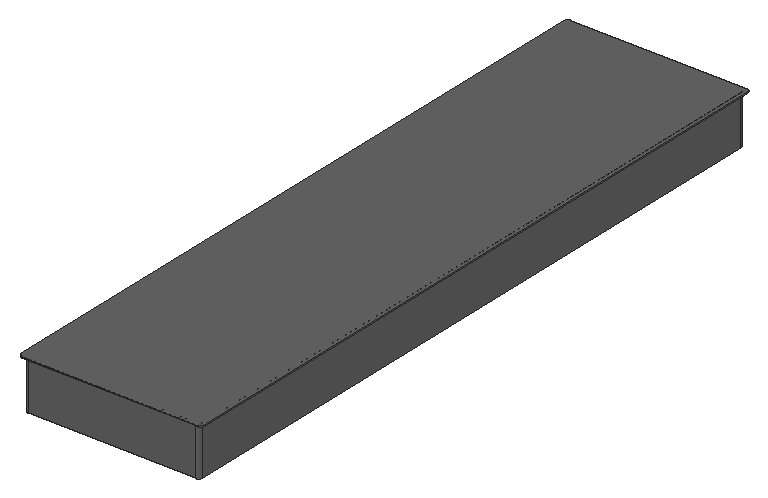
Revit family "Control_Panels-Lutron-DIN_Rail_Panel_Enclosure", category Electrical Equipment, host Face, Revit 2017
Family settings
  Host = Face
  Panel Configuration = Two Columns, Circuits Across
  Round Connector Dimension = Use Radius
  Part Type = Panelboard
  OmniClass Number = 23.80.30.11.17
  OmniClass Title = Distribution Boards and Control Panels
  Cut with Voids When Loaded = No
  Shared = No
  Room Calculation Point = No
Parameters (values of type "PD9-59F-120")
  Wattage = ""
  Warranty URL = "http://www.lutron.com/en-US/Service-Support/Pages/Service/Warranty/Warranty.aspx"
  Voltage = "120.00 V"
  Video Link = "https://www.youtube.com/user/LutronElectronicsInc"
  Version = "2017 - v1.0a"  # constant formula
  Unit Weight = 0.00 lbf  # constant formula
  URL = "http://www.lutron.com"
  Type Comments = ""
  Support Phone = "(224) 699-9545"  # constant formula
  Support Email = "mailto: support@anguleris.com"
  built-in parameter 1140142 = (empty or 0)
  built-in parameter 1140080 [instance] = (empty or 0)
  Series = "HomeWorks QS"
  Product Page URL = ""
  Product Name = "DIN Rail Panel Enclosure"
  Product Documentation Link = "http://www.lutron.com/TechnicalDocumentLibrary/3691055_ENG.pdf"
  Power Factor = 1
  Phase = 1
  Performance URL = "http://www.lutron.com/en-US/Service-Support/Pages/Technical/PerfomanceSpecs.aspx"
  Panel Name [instance] = "DIN Rail Panel"
  Overall Width = 15.875"  # constant formula
  Overall Height = 59.500"
  Overall Depth = 4.280"  # constant formula
  Number of Poles = 1
  Neutral Rating = 0.00%
  built-in parameter 1140145 = 1
  built-in parameter 1140081 [instance] = "Surface"
  built-in parameter 1140084 [instance] = (empty or 0)
  Model = "PD9-59F-120"
  built-in parameter 1140079 [instance] = 8
  Material = ""
  Manufacturer Phone Number = "610-282-3800"  # constant formula
  Manufacturer Fax Number = "610-282-1243"  # constant formula
  Manufacturer Email = "mailto:support@lutron.com"
  Manufacturer Address = "7200 Suter Rd, Coopersburg, PA 18036"  # constant formula
  Manufacturer = "Lutron Electronics Co., Inc"  # constant formula
  Mains Type = ""
  built-in parameter 1140082 [instance] = 1 (stored number, unit not read)
  built-in parameter 1140140 = 1 (stored number, unit not read)
  Load Classification = Power
  Keynote = ""
  Instruction Sheet Link = "http://www.lutron.com/TechnicalDocumentLibrary/032164a.pdf"
  Ground Bus = yes
  Frequency = 60 Hz
  Finish = Steel - Lutron - Black
  Feed Through Control Circuit Voltage = 120 V
  Feed Through Control Circuit Load [instance] = 0 VA
  built-in parameter 1140138 [instance] = "120 V"
  built-in parameter 1140083 [instance] = "59 in (1500 mm) enclosure (PD8 PD9)"
  Electrical Potential = 120 V
  Electrical Connector Distance = if([16 Panel Size], 16.000", if([36 Panel Size], 36.000", if([59 Panel Size], 59.000", 16.000")))  # 59.000"
  Description = "DIN Rail Panels"
  Default Elevation = 0.000"
  Cost Info = "mailto:custsvc@lutron.com"
  Cost = 0
  Copyright = "© 2019 Lutron Electronics Co., Inc."  # constant formula
  built-in parameter 1140086 [instance] = (empty or 0)
  built-in parameter 1140085 [instance] = (empty or 0)
  built-in parameter 1140087 [instance] = 1
  built-in parameter 1140143 = (empty or 0)
  Assembly Code = "D5020"
  59 Panel Size = yes
  36 Panel Size = no
  16 Panel Size = no
Types (5): name | Overall Height | Model | built-in parameter 1140083 | Electrical Connector Distance | 59 Panel Size | 36 Panel Size | 16 Panel Size
  PD2-16F-120 | 59.500" | "PD9-59F-120" | "59 in (1500 mm) enclosure (PD8 PD9)" | 16.000" | no | no | yes
  PD4-36F-120 | 36.500" | "PD4-36F-120" | "36 in (914 mm) enclosure (PD4 PD5)" | 36.000" | no | yes | no
  PD5-36F-120 | 36.500" | "PD5-36F-120" | "36 in (914 mm) enclosure (PD4 PD5)" | 36.000" | no | yes | no
  PD8-59F-120 | 59.500" | "PD8-59F-120" | "59 in (1500 mm) enclosure (PD8 PD9)" | 59.000" | yes | no | no
  PD9-59F-120 | 59.500" | "PD9-59F-120" | "59 in (1500 mm) enclosure (PD8 PD9)" | 59.000" | yes | no | no
Reference planes (in)
  plane 1 "Center (Front/Back)": y = 0
  plane 2: z = 0
  plane 3 "Center (Left/Right)": x = 0
  plane 4: z = 4.28
  plane 5: z = 4.34
  plane 6: y = 16
  plane 7: x = 7.5625
  plane 8: x = -7.5625
  plane 9: y = -0.25
  plane 10: x = -7.9375
  plane 11: x = 7.9375
  plane 12: y = 16.25
  plane 13: y = 36
  plane 14: y = 36.25
  plane 15: y = 59
  plane 16: y = 59.25
Forms (in)
  Extrusion 1, solid, material "Steel - Lutron - Black" <- "Finish", visible <- "16 Panel Size"
    sketch origin (-60, -180, 12) x (-1, 0, 0) y (0, -1, 0)
      loop
        arc (-52.77041, -196) -> (-52.53501, -195.90249) -> (-52.4375, -195.66709) r 0.33291
        line (-52.4375, -195.66709) -> (-52.4375, -180.33203)
        arc (-52.4375, -180.33203) -> (-52.53475, -180.09725) -> (-52.76953, -180) r 0.33203
        line (-52.76953, -180) -> (-67.23047, -180)
        arc (-67.23047, -180) -> (-67.46525, -180.09725) -> (-67.5625, -180.33203) r 0.33203
        line (-67.5625, -180.33203) -> (-67.5625, -195.66797)
        arc (-67.5625, -195.66797) -> (-67.46525, -195.90275) -> (-67.23047, -196) r 0.33203
        line (-67.23047, -196) -> (-52.77041, -196)
    from -12 to -7.72
  Extrusion 2, solid, material "Steel - Lutron - Black" <- "Finish", visible <- "16 Panel Size"
    sketch origin (-60, -180, 12) x (-1, 0, 0) y (0, -1, 0)
      loop
        arc (-52.39541, -196.25) -> (-52.16001, -196.15249) -> (-52.0625, -195.91709) r 0.33291
        line (-52.0625, -195.91709) -> (-52.0625, -180.08203)
        arc (-52.0625, -180.08203) -> (-52.15975, -179.84725) -> (-52.39453, -179.75) r 0.33203
        line (-52.39453, -179.75) -> (-67.60547, -179.75)
        arc (-67.60547, -179.75) -> (-67.84025, -179.84725) -> (-67.9375, -180.08203) r 0.33203
        line (-67.9375, -180.08203) -> (-67.9375, -195.91797)
        arc (-67.9375, -195.91797) -> (-67.84025, -196.15275) -> (-67.60547, -196.25) r 0.33203
        line (-67.60547, -196.25) -> (-52.39541, -196.25)
    from -7.72 to -7.66
  Extrusion 3, solid, material "Steel - Lutron - Black" <- "Finish", visible <- "36 Panel Size"
    sketch origin (-60, -180, 12) x (-1, 0, 0) y (0, -1, 0)
      loop
        arc (-52.77041, -216) -> (-52.53501, -215.90249) -> (-52.4375, -215.66709) r 0.33291
        line (-52.4375, -215.66709) -> (-52.4375, -180.33203)
        arc (-52.4375, -180.33203) -> (-52.53475, -180.09725) -> (-52.76953, -180) r 0.33203
        line (-52.76953, -180) -> (-67.23047, -180)
        arc (-67.23047, -180) -> (-67.46525, -180.09725) -> (-67.5625, -180.33203) r 0.33203
        line (-67.5625, -180.33203) -> (-67.5625, -215.66797)
        arc (-67.5625, -215.66797) -> (-67.46525, -215.90275) -> (-67.23047, -216) r 0.33203
        line (-67.23047, -216) -> (-52.77041, -216)
    from -12 to -7.72
  Extrusion 4, solid, material "Steel - Lutron - Black" <- "Finish", visible <- "36 Panel Size"
    sketch origin (-60, -180, 12) x (-1, 0, 0) y (0, -1, 0)
      loop
        arc (-52.39541, -216.25) -> (-52.16001, -216.15249) -> (-52.0625, -215.91709) r 0.33291
        line (-52.0625, -215.91709) -> (-52.0625, -180.08203)
        arc (-52.0625, -180.08203) -> (-52.15975, -179.84725) -> (-52.39453, -179.75) r 0.33203
        line (-52.39453, -179.75) -> (-67.60547, -179.75)
        arc (-67.60547, -179.75) -> (-67.84025, -179.84725) -> (-67.9375, -180.08203) r 0.33203
        line (-67.9375, -180.08203) -> (-67.9375, -215.91797)
        arc (-67.9375, -215.91797) -> (-67.84025, -216.15275) -> (-67.60547, -216.25) r 0.33203
        line (-67.60547, -216.25) -> (-52.39541, -216.25)
    from -7.72 to -7.66
  Extrusion 5, solid, material "Steel - Lutron - Black" <- "Finish", visible <- "59 Panel Size"
    sketch origin (-59.66797, -180, 12) x (-1, 0, 0) y (0, -1, 0)
      loop
        arc (-52.43838, -239) -> (-52.20298, -238.90249) -> (-52.10547, -238.66709) r 0.33291
        line (-52.10547, -238.66709) -> (-52.10547, -180.33203)
        arc (-52.10547, -180.33203) -> (-52.20272, -180.09725) -> (-52.4375, -180) r 0.33203
        line (-52.4375, -180) -> (-66.89844, -180)
        arc (-66.89844, -180) -> (-67.13322, -180.09725) -> (-67.23047, -180.33203) r 0.33203
        line (-67.23047, -180.33203) -> (-67.23047, -238.66797)
        arc (-67.23047, -238.66797) -> (-67.13322, -238.90275) -> (-66.89844, -239) r 0.33203
        line (-66.89844, -239) -> (-52.43838, -239)
    from -12 to -7.72
  Extrusion 6, solid, material "Steel - Lutron - Black" <- "Finish", visible <- "59 Panel Size"
    sketch origin (-60, -180, 12) x (-1, 0, 0) y (0, -1, 0)
      loop
        arc (-52.39541, -239.25) -> (-52.16001, -239.15249) -> (-52.0625, -238.91709) r 0.33291
        line (-52.0625, -238.91709) -> (-52.0625, -180.08203)
        arc (-52.0625, -180.08203) -> (-52.15975, -179.84725) -> (-52.39453, -179.75) r 0.33203
        line (-52.39453, -179.75) -> (-67.60547, -179.75)
        arc (-67.60547, -179.75) -> (-67.84025, -179.84725) -> (-67.9375, -180.08203) r 0.33203
        line (-67.9375, -180.08203) -> (-67.9375, -238.91797)
        arc (-67.9375, -238.91797) -> (-67.84025, -239.15275) -> (-67.60547, -239.25) r 0.33203
        line (-67.60547, -239.25) -> (-52.39541, -239.25)
    from -7.72 to -7.66
Lines and regions (in)
  Masking region 1, detail levels medium+fine
    outline origin (0, 0, 0) x (1, 0, 0) y (0, 0, 1)
      loop
        line (7.9375, 4.28) -> (7.9375, 4.34) -> (-7.9375, 4.34) -> (-7.9375, 4.28) -> (-7.5625, 4.28) -> (-7.5625, 0) -> (7.5625, 0) -> (7.5625, 4.28) -> (7.9375, 4.28)
  Split face 1
    outline origin (-60, -180, 4.34) x (-1, 0, 0) y (0, -1, 0)
      loop
        line (-53.23083, -195.42031) -> (-53.23083, -191.67031) -> (-66.76917, -191.67031) -> (-66.76917, -195.42031) -> (-53.23083, -195.42031)
  Split face 2
    outline origin (-60, -180, 4.34) x (-1, 0, 0) y (0, -1, 0)
      loop
        line (-66.71895, -187.26554) -> (-66.71895, -188.26554) -> (-56.98947, -188.26554) -> (-56.98947, -187.26554) -> (-66.71895, -187.26554)
  Split face 3
    outline origin (-60, -180, 4.34) x (-1, 0, 0) y (0, -1, 0)
      loop
        line (-53.23083, -181.58092) -> (-53.23083, -180.58092) -> (-66.76917, -180.58092) -> (-66.76917, -181.58092) -> (-53.23083, -181.58092)
  Split face 4
    outline origin (-60, -180, 4.34) x (-1, 0, 0) y (0, -1, 0)
      loop
        arc (-52.73725, -193.75706) -> (-52.64154, -194.03281) -> (-52.53993, -193.75918) r 0.15507
        arc (-52.53993, -193.75918) -> (-52.63461, -193.38833) -> (-52.73725, -193.75706) r 0.19807
  Split face 5
    outline origin (-60, -180, 4.34) x (-1, 0, 0) y (0, -1, 0)
      loop
        arc (-67.46007, -193.75918) -> (-67.35846, -194.03281) -> (-67.26275, -193.75706) r 0.15507
        arc (-67.26275, -193.75706) -> (-67.36539, -193.38833) -> (-67.46007, -193.75918) r 0.19807
  Split face 6
    outline origin (-60, -180, 4.34) x (-1, 0, 0) y (0, -1, 0)
      loop
        circle (-52.63987, -182.12774) r 0.15507
  Split face 7
    outline origin (-60, -180, 4.34) x (-1, 0, 0) y (0, -1, 0)
      loop
        circle (-67.36013, -182.12774) r 0.15507
  Split face 8
    outline origin (-60, -180, 4.34) x (-1, 0, 0) y (0, -1, 0)
      loop
        line (-53.24067, -215.3567) -> (-53.24067, -211.63664) -> (-66.75933, -211.63664) -> (-66.75933, -215.3567) -> (-53.24067, -215.3567)
  Split face 9
    outline origin (-60, -180, 4.34) x (-1, 0, 0) y (0, -1, 0)
      loop
        line (-66.73656, -206.88628) -> (-56.98656, -206.88628) -> (-56.98656, -205.86604) -> (-66.73656, -205.86604) -> (-66.73656, -206.88628)
  Split face 10
    outline origin (-60, -180, 4.34) x (-1, 0, 0) y (0, -1, 0)
      loop
        line (-56.98656, -201.38628) -> (-56.98656, -200.36604) -> (-66.73656, -200.36604) -> (-66.73656, -201.38628) -> (-56.98656, -201.38628)
  Split face 11
    outline origin (-60, -180, 4.34) x (-1, 0, 0) y (0, -1, 0)
      loop
        line (-56.98656, -194.86604) -> (-66.73656, -194.86604) -> (-66.73656, -195.88628) -> (-56.98656, -195.88628) -> (-56.98656, -194.86604)
  Split face 12
    outline origin (-60, -180, 4.34) x (-1, 0, 0) y (0, -1, 0)
      loop
        line (-53.24067, -181.87492) -> (-66.75933, -181.87492) -> (-66.75933, -188.37492) -> (-53.24067, -188.37492) -> (-53.24067, -181.87492)
  Split face 13
    outline origin (-60, -180, 4.34) x (-1, 0, 0) y (0, -1, 0)
      loop
        line (-52.95289, -189.50148) -> (-52.95289, -181.14733)
        arc (-52.95289, -181.14733) -> (-53.04076, -180.9352) -> (-53.25289, -180.84733) r 0.3
        line (-53.25289, -180.84733) -> (-66.74711, -180.84733)
        arc (-66.74711, -180.84733) -> (-66.95924, -180.9352) -> (-67.04711, -181.14733) r 0.3
        line (-67.04711, -181.14733) -> (-67.04711, -189.50148)
        arc (-67.04711, -189.50148) -> (-66.95924, -189.71361) -> (-66.74711, -189.80148) r 0.3
        line (-66.74711, -189.80148) -> (-53.25289, -189.80148)
        arc (-53.25289, -189.80148) -> (-53.04076, -189.71361) -> (-52.95289, -189.50148) r 0.3
  Split face 14
    outline origin (-60, -180, 4.34) x (-1, 0, 0) y (0, -1, 0)
      loop
        arc (-52.5126, -213.70925) -> (-52.63298, -213.33056) -> (-52.75806, -213.70772) r 0.2089
        arc (-52.75806, -213.70772) -> (-52.63719, -214.00735) -> (-52.5126, -213.70925) r 0.17463
  Split face 15
    outline origin (-60, -180, 4.34) x (-1, 0, 0) y (0, -1, 0)
      loop
        arc (-67.4874, -213.70925) -> (-67.36281, -214.00735) -> (-67.24194, -213.70772) r 0.17463
        arc (-67.24194, -213.70772) -> (-67.36702, -213.33056) -> (-67.4874, -213.70925) r 0.2089
  Split face 16
    outline origin (-60, -180, 4.34) x (-1, 0, 0) y (0, -1, 0)
      loop
        circle (-52.63428, -197.97545) r 0.2089
  Split face 17
    outline origin (-60, -180, 4.34) x (-1, 0, 0) y (0, -1, 0)
      loop
        circle (-67.36572, -197.97545) r 0.2089
  Split face 18
    outline origin (-60, -180, 4.34) x (-1, 0, 0) y (0, -1, 0)
      loop
        circle (-52.63428, -182.12778) r 0.2089
  Split face 19
    outline origin (-60, -180, 4.34) x (-1, 0, 0) y (0, -1, 0)
      loop
        circle (-67.36572, -182.12778) r 0.2089
  Split face 20
    outline origin (-60, -180, 4.34) x (-1, 0, 0) y (0, -1, 0)
      loop
        line (-53.25, -238.37519) -> (-53.25, -234.62519) -> (-66.75, -234.62519) -> (-66.75, -238.37519) -> (-53.25, -238.37519)
  Split face 21
    outline origin (-60, -180, 4.34) x (-1, 0, 0) y (0, -1, 0)
      loop
        line (-66.75, -228.95116) -> (-56.93792, -228.95116) -> (-56.93792, -227.95116) -> (-66.75, -227.95116) -> (-66.75, -228.95116)
  Split face 22
    outline origin (-60, -180, 4.34) x (-1, 0, 0) y (0, -1, 0)
      loop
        line (-66.75, -223.45116) -> (-56.93792, -223.45116) -> (-56.93792, -222.45116) -> (-66.75, -222.45116) -> (-66.75, -223.45116)
  Split face 23
    outline origin (-60, -180, 4.34) x (-1, 0, 0) y (0, -1, 0)
      loop
        line (-56.93792, -217.95116) -> (-56.93792, -216.95116) -> (-66.75, -216.95116) -> (-66.75, -217.95116) -> (-56.93792, -217.95116)
  Split face 24
    outline origin (-60, -180, 4.34) x (-1, 0, 0) y (0, -1, 0)
      loop
        line (-56.93792, -212.45116) -> (-56.93792, -211.45116) -> (-66.75, -211.45116) -> (-66.75, -212.45116) -> (-56.93792, -212.45116)
  Split face 25
    outline origin (-60, -180, 4.34) x (-1, 0, 0) y (0, -1, 0)
      loop
        line (-56.93792, -206.95116) -> (-56.93792, -205.95116) -> (-66.75, -205.95116) -> (-66.75, -206.95116) -> (-56.93792, -206.95116)
  Split face 26
    outline origin (-60, -180, 4.34) x (-1, 0, 0) y (0, -1, 0)
      loop
        line (-56.93792, -201.45116) -> (-56.93792, -200.45116) -> (-66.75, -200.45116) -> (-66.75, -201.45116) -> (-56.93792, -201.45116)
  Split face 27
    outline origin (-60, -180, 4.34) x (-1, 0, 0) y (0, -1, 0)
      loop
        line (-56.93792, -195.95116) -> (-56.93792, -194.95116) -> (-66.75, -194.95116) -> (-66.75, -195.95116) -> (-56.93792, -195.95116)
  Split face 28
    outline origin (-60, -180, 4.34) x (-1, 0, 0) y (0, -1, 0)
      loop
        line (-53.25, -188.37492) -> (-53.25, -181.82804) -> (-66.75, -181.82804) -> (-66.75, -188.37492) -> (-53.25, -188.37492)
  Split face 29
    outline origin (-60, -180, 4.34) x (-1, 0, 0) y (0, -1, 0)
      loop
        arc (-53.25289, -189.80148) -> (-53.04076, -189.71361) -> (-52.95289, -189.50148) r 0.3
        line (-52.95289, -189.50148) -> (-52.95289, -181.14733)
        arc (-52.95289, -181.14733) -> (-53.04076, -180.9352) -> (-53.25289, -180.84733) r 0.3
        line (-53.25289, -180.84733) -> (-66.74711, -180.84733)
        arc (-66.74711, -180.84733) -> (-66.95924, -180.9352) -> (-67.04711, -181.14733) r 0.3
        line (-67.04711, -181.14733) -> (-67.04711, -189.50148)
        arc (-67.04711, -189.50148) -> (-66.95924, -189.71361) -> (-66.74711, -189.80148) r 0.3
        line (-66.74711, -189.80148) -> (-53.25289, -189.80148)
  Masking region 2, detail levels coarse
    outline origin (0, 0, 0) x (1, 0, 0) y (0, 0, 1)
      loop
        line (-7.9375, 4.34) -> (-7.9375, 0) -> (7.9375, 0) -> (7.9375, 4.34) -> (-7.9375, 4.34)
  symbolic lines, detail levels fine
    curve 1: line (7.5625, 0, 4.28) -> (-7.5625, 0, 4.28)
  reference lines
    curve 2: line (0.00044, 59, 2.17) -> (33.25044, 59, 2.17)
Dimensions and locks (in)
  plane 4 to level = 4.280"
  host sketch curve to plane 3 "Center (Left/Right)" = 48.000"  (x2)
  locked: host sketch curve to plane 3 "Center (Left/Right)" at 48  (x22)
  locked: host sketch curve to plane 1 "Center (Front/Back)" at 49.60406  (x11)
  host sketch curve to plane 1 "Center (Front/Back)" = 49.60406"
  locked: host sketch curve to plane 1 "Center (Front/Back)" at 48  (x11)
  host sketch curve to plane 1 "Center (Front/Back)" = 48.000"
  locked: Extrusion 1 sketch curve to plane 1 "Center (Front/Back)" at 0.33203  (x2)
  plane 8 to plane 7 = 15.125"
  plane 10 to plane 11 = 15.875"
  plane 1 "Center (Front/Back)" to plane 6 = 16.000"
  plane 9 to plane 12 = 16.500"
  plane 1 "Center (Front/Back)" to plane 13 = 36.000"
  plane 1 "Center (Front/Back)" to plane 15 = 59.000"
  "Electrical Connector Distance": plane 1 "Center (Front/Back)" to curve 2
  Extrusion 6 sketch curve to plane 1 "Center (Front/Back)" to Extrusion 6 sketch curve = 0.250" locked, 59.250" locked
  Extrusion 6 sketch curve to plane 3 "Center (Left/Right)" to Extrusion 6 sketch curve = 7.9375" locked, 7.9375" locked
  plane 1 "Center (Front/Back)" to Extrusion 5 sketch curve to Extrusion 5 sketch curve = 0.000" locked, 59.000" locked
  Extrusion 5 sketch curve to plane 3 "Center (Left/Right)" to Extrusion 5 sketch curve = 7.5625" locked, 7.5625" locked
  Extrusion 4 sketch curve to plane 3 "Center (Left/Right)" to Extrusion 4 sketch curve = 7.9375" locked, 7.9375" locked
  Extrusion 4 sketch curve to plane 1 "Center (Front/Back)" to Extrusion 4 sketch curve = 0.250" locked, 36.250" locked
  Extrusion 3 sketch curve to plane 3 "Center (Left/Right)" to Extrusion 3 sketch curve = 7.5625" locked, 7.5625" locked
  plane 1 "Center (Front/Back)" to Extrusion 3 sketch curve to Extrusion 3 sketch curve = 0.000" locked, 36.000" locked
  Extrusion 2 sketch curve to plane 1 "Center (Front/Back)" to Extrusion 2 sketch curve = 0.250" locked, 16.250" locked
  Extrusion 2 sketch curve to plane 3 "Center (Left/Right)" to Extrusion 2 sketch curve = 7.9375" locked, 7.9375" locked
  Extrusion 1 sketch curve to plane 3 "Center (Left/Right)" to Extrusion 1 sketch curve = 7.5625" locked, 7.5625" locked
  plane 1 "Center (Front/Back)" to Extrusion 1 sketch curve to Extrusion 1 sketch curve = 0.000" locked, 16.000" locked
  Extrusion 6 to Extrusion 4 to Extrusion 2 to Extrusion 6 to Extrusion 4 to Extrusion 2 to level to Extrusion 5 to Extrusion 3 to Extrusion 1 = 0.000" locked, 0.000" locked, 0.060" locked, 0.000" locked, 0.000" locked, 4.280" locked, 0.000" locked, 0.000" locked, 0.000" locked
  aligned and locked: plane 2 to host face
  aligned and locked: level to host face
  aligned and locked: plane 11 to Masking region 2 sketch curve
  aligned and locked: Masking region 2 sketch curve to plane 5
  aligned and locked: plane 10 to Masking region 2 sketch curve
  aligned and locked: plane 2 to Masking region 2 sketch curve
Automatic sketch dimensions
  curve 1 to plane 4 = 0.000"
  curve 1 to plane 8 = 0.000"
  plane 7 to curve 1 = 0.000"
  Masking region 1 sketch curve to plane 4 = 0.000"  (x2)
  Masking region 1 sketch curve to plane 10 = 0.000"
  Masking region 1 sketch curve to level = 0.000"
  Masking region 1 sketch curve to plane 8 = 0.000"
  plane 7 to Masking region 1 sketch curve = 0.000"
  Masking region 1 sketch curve to plane 5 = 0.000"
  plane 11 to Masking region 1 sketch curve = 0.000"
  Extrusion 1 sketch curve to plane 1 "Center (Front/Back)" = 0.33203"
  plane 7 to Extrusion 1 sketch curve = 0.33203"
  Extrusion 1 sketch curve to Extrusion 1 sketch curve = 0.33291"
  plane 8 to Extrusion 1 sketch curve = 0.33203"
  Extrusion 2 sketch curve to plane 7 = 0.04297"  (x2)
  Extrusion 2 sketch curve to plane 8 = 0.04209"
  Extrusion 2 sketch curve to plane 8 = 0.04297"
  Extrusion 3 sketch curve to plane 1 "Center (Front/Back)" = 0.33203"
  plane 7 to Extrusion 3 sketch curve = 0.33203"
  Extrusion 3 sketch curve to Extrusion 3 sketch curve = 0.33291"
  plane 8 to Extrusion 3 sketch curve = 0.33203"
  Extrusion 4 sketch curve to plane 7 = 0.04297"  (x2)
  Extrusion 4 sketch curve to plane 8 = 0.04209"
  Extrusion 4 sketch curve to plane 8 = 0.04297"
  Extrusion 5 sketch curve to plane 1 "Center (Front/Back)" = 0.33203"
  plane 7 to Extrusion 5 sketch curve = 0.33203"
  Extrusion 5 sketch curve to Extrusion 5 sketch curve = 0.33291"
  plane 8 to Extrusion 5 sketch curve = 0.33203"
  Extrusion 6 sketch curve to plane 7 = 0.04297"  (x2)
  Extrusion 6 sketch curve to plane 8 = 0.04209"
  Extrusion 6 sketch curve to plane 8 = 0.04297"
  Split face 1 sketch curve to Extrusion 2 = 1.16833"  (x2)
  Split face 1 sketch curve to Extrusion 2 = 0.82969"
  Split face 1 sketch curve to Split face 1 sketch curve = 3.750"
  Split face 2 sketch curve to Extrusion 2 = 1.21855"
  Split face 2 sketch curve to Extrusion 2 = 4.92697"
  Split face 2 sketch curve to Extrusion 2 = 7.98446"
  Split face 2 sketch curve to Split face 2 sketch curve = 1.000"
  Split face 3 sketch curve to Extrusion 2 = 1.16833"  (x2)
  Split face 3 sketch curve to Extrusion 2 = 1.83092"
  Split face 3 sketch curve to Extrusion 2 = 0.83092"
  Split face 4 sketch curve to Extrusion 2 = 0.57737"
  Split face 4 sketch curve to Split face 4 sketch curve = 0.00313"
  Split face 4 sketch curve to Extrusion 2 = 2.37226"
  Split face 4 sketch curve to Split face 4 sketch curve = 0.29136"
  Split face 4 sketch curve to Split face 4 sketch curve = 0.09737"
  Split face 4 sketch curve to Split face 4 sketch curve = 0.09995"
  Split face 5 sketch curve to Extrusion 2 = 0.57424"
  Split face 5 sketch curve to Split face 5 sketch curve = 0.00313"
  Split face 5 sketch curve to Extrusion 2 = 2.37226"
  Split face 5 sketch curve to Split face 5 sketch curve = 0.29136"
  Split face 5 sketch curve to Split face 5 sketch curve = 0.09995"
  Split face 5 sketch curve to Split face 5 sketch curve = 0.09737"
  Split face 6 sketch curve to Extrusion 2 = 0.57737"
  Split face 6 sketch curve to Extrusion 2 = 2.37774"
  Split face 7 sketch curve to Split face 7 sketch curve = 0.000"  (x2)
  Split face 7 sketch curve to Extrusion 2 = 0.57737"
  Split face 7 sketch curve to Extrusion 2 = 2.37774"
  Split face 7 sketch curve to Split face 7 sketch curve = 0.15507"
  Split face 8 sketch curve to Extrusion 4 = 1.17817"  (x2)
  Split face 8 sketch curve to Extrusion 4 = 0.8933"
  Split face 8 sketch curve to Split face 8 sketch curve = 3.72006"
  Split face 9 sketch curve to Extrusion 4 = 1.20094"
  Split face 9 sketch curve to Extrusion 4 = 4.92406"
  Split face 9 sketch curve to Extrusion 4 = 9.36372"
  Split face 9 sketch curve to Split face 9 sketch curve = 1.02024"
  Split face 10 sketch curve to Extrusion 4 = 1.20094"
  Split face 10 sketch curve to Extrusion 4 = 4.92406"
  Split face 10 sketch curve to Extrusion 4 = 14.86372"
  Split face 10 sketch curve to Split face 10 sketch curve = 1.02024"
  Split face 11 sketch curve to Extrusion 4 = 1.20094"
  Split face 11 sketch curve to Extrusion 4 = 4.92406"
  Split face 11 sketch curve to Extrusion 4 = 16.13628"
  Split face 11 sketch curve to Split face 11 sketch curve = 1.02024"
  Split face 12 sketch curve to Extrusion 4 = 1.17817"  (x2)
  Split face 12 sketch curve to Extrusion 4 = 8.62492"
  Split face 12 sketch curve to Extrusion 4 = 2.12492"
  Split face 13 sketch curve to Extrusion 4 = 0.89039"
  Split face 13 sketch curve to Split face 13 sketch curve = 0.300"  (x3)
  Split face 13 sketch curve to Extrusion 4 = 1.19039"  (x2)
  Split face 13 sketch curve to Extrusion 4 = 10.05148"
  Split face 13 sketch curve to Extrusion 4 = 1.39733"
  Split face 14 sketch curve to Extrusion 4 = 0.5736"
  Split face 14 sketch curve to Split face 14 sketch curve = 0.00182"
  Split face 14 sketch curve to Extrusion 4 = 2.41728"
  Split face 14 sketch curve to Split face 14 sketch curve = 0.29327"
  Split face 14 sketch curve to Split face 14 sketch curve = 0.12196"
  Split face 14 sketch curve to Split face 14 sketch curve = 0.1235"
  Split face 15 sketch curve to Extrusion 4 = 0.57178"
  Split face 15 sketch curve to Split face 15 sketch curve = 0.00182"
  Split face 15 sketch curve to Extrusion 4 = 2.41728"
  Split face 15 sketch curve to Split face 15 sketch curve = 0.29327"
  Split face 15 sketch curve to Split face 15 sketch curve = 0.1235"
  Split face 15 sketch curve to Split face 15 sketch curve = 0.12196"
  Split face 16 sketch curve to Extrusion 4 = 0.57178"
  Split face 16 sketch curve to Extrusion 4 = 18.22545"
  Split face 17 sketch curve to Split face 17 sketch curve = 0.000"  (x2)
  Split face 17 sketch curve to Extrusion 4 = 0.57178"
  Split face 17 sketch curve to Extrusion 4 = 18.22545"
  Split face 17 sketch curve to Split face 17 sketch curve = 0.2089"
  Split face 18 sketch curve to Split face 18 sketch curve = 0.000"  (x2)
  Split face 18 sketch curve to Extrusion 4 = 0.57178"
  Split face 18 sketch curve to Extrusion 4 = 2.37778"
  Split face 18 sketch curve to Split face 18 sketch curve = 0.2089"
  Split face 19 sketch curve to Split face 19 sketch curve = 0.000"  (x2)
  Split face 19 sketch curve to Extrusion 4 = 0.57178"
  Split face 19 sketch curve to Extrusion 4 = 2.37778"
  Split face 19 sketch curve to Split face 19 sketch curve = 0.2089"
  Split face 20 sketch curve to Extrusion 6 = 1.1875"  (x2)
  Split face 20 sketch curve to Extrusion 6 = 0.87481"
  Split face 20 sketch curve to Split face 20 sketch curve = 3.750"
  Split face 21 sketch curve to Extrusion 6 = 1.1875"
  Split face 21 sketch curve to Extrusion 6 = 4.87542"
  Split face 21 sketch curve to Extrusion 6 = 10.29884"
  Split face 21 sketch curve to Split face 21 sketch curve = 1.000"
  Split face 22 sketch curve to Extrusion 6 = 1.1875"
  Split face 22 sketch curve to Extrusion 6 = 4.87542"
  Split face 22 sketch curve to Extrusion 6 = 15.79884"
  Split face 22 sketch curve to Split face 22 sketch curve = 1.000"
  Split face 23 sketch curve to Extrusion 6 = 1.1875"
  Split face 23 sketch curve to Extrusion 6 = 4.87542"
  Split face 23 sketch curve to Extrusion 6 = 21.29884"
  Split face 23 sketch curve to Split face 23 sketch curve = 1.000"
  Split face 24 sketch curve to Extrusion 6 = 1.1875"
  Split face 24 sketch curve to Extrusion 6 = 4.87542"
  Split face 24 sketch curve to Extrusion 6 = 26.79884"
  Split face 24 sketch curve to Split face 24 sketch curve = 1.000"
  Split face 25 sketch curve to Extrusion 6 = 1.1875"
  Split face 25 sketch curve to Extrusion 6 = 4.87542"
  Split face 25 sketch curve to Extrusion 6 = 27.20116"
  Split face 25 sketch curve to Split face 25 sketch curve = 1.000"
  Split face 26 sketch curve to Extrusion 6 = 1.1875"
  Split face 26 sketch curve to Extrusion 6 = 4.87542"
  Split face 26 sketch curve to Extrusion 6 = 21.70116"
  Split face 26 sketch curve to Split face 26 sketch curve = 1.000"
  Split face 27 sketch curve to Extrusion 6 = 1.1875"
  Split face 27 sketch curve to Extrusion 6 = 4.87542"
  Split face 27 sketch curve to Extrusion 6 = 16.20116"
  Split face 27 sketch curve to Split face 27 sketch curve = 1.000"
  Split face 28 sketch curve to Extrusion 6 = 1.1875"  (x2)
  Split face 28 sketch curve to Extrusion 6 = 8.62492"
  Split face 28 sketch curve to Extrusion 6 = 2.07804"
  Split face 29 sketch curve to Extrusion 6 = 0.89039"
  Split face 29 sketch curve to Split face 29 sketch curve = 0.300"  (x3)
  Split face 29 sketch curve to Extrusion 6 = 1.19039"  (x2)
  Split face 29 sketch curve to Extrusion 6 = 10.05148"
  Split face 29 sketch curve to Extrusion 6 = 1.39733"
  curve 2 to plane 11 = 25.31294"
  plane 3 "Center (Left/Right)" to curve 2 = 0.00044"
  radius of Split face 6 sketch curve = 0.15507"
  radius of Split face 16 sketch curve = 0.2089"
Connectors (in)
  electrical at (-7.5625, 7.99956, 2.14), driven by "Feed Through Control Circuit Load", driven by "Load Classification", driven by "Electrical Potential", driven by "Feed Through Control Circuit Load", driven by "Number of Poles", driven by "Power Factor"
    settings: on Extrusion 1, index 3, voltage 120 V, apparent load 0 VA, apparent load phase1 0 VA, apparent load phase2 0 VA, apparent load phase3 0 VA, power factor 1, load classification "Power", number of poles 1, system type 30, power factor state 1, is connector primary yes, connector utility no, sub classification motor no, connector description "Feed Through Control Circuit Connection"
  electrical at (0.00044, 59, 2.17), driven by "Number of Poles", driven by "Load Classification", driven by "Electrical Potential", driven by "Feed Through Control Circuit Load", driven by "Power Factor"
    settings: on curve 2, index 4, voltage 120 V, apparent load 0 VA, apparent load phase1 0 VA, apparent load phase2 0 VA, apparent load phase3 0 VA, power factor 1, load classification "Power", number of poles 1, system type 31, power factor state 1, is connector primary no, connector utility no, sub classification motor no, connector description "Power Connection"
